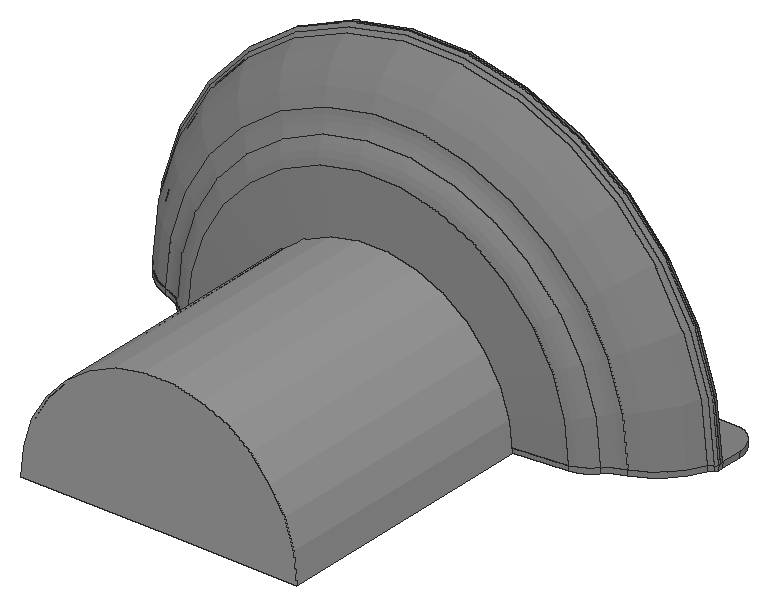
Revit family "Washfountain_3_Staion-Willoughby-WAF-5403-FLR", category Plumbing Fixtures, Revit 2015
Parameters (values of type "Standard")
  water line = Copper
  Waste Connection = no
  Vent Connection = no
  URL = "https://www.willoughby-ind.com/wp-content/uploads/2018/01/WAF-5404.pdf"
  Type Comments = ""
  Solid Surface Sink = Solid Surface Acrylic Resin-Willoughby
  Revision = "A"
  Model = "WAF-5403-FLR"
  Manufacturer = "Willoughby Industries"
  Lav Waste DIA = 1 1/2"
  Lav Waste Connection = yes
  LAV HW DIA = 1/2"
  LAV CW DIA = 1/2"
  HW Connection = yes
  Fixture Body = Stainless Steel AISI 304-Willoughby
  Description = "Floor Mounted 3 Station Washfountain, Floor Mounted"
  Default Elevation = 0' - 0"
  Contact = "(800) 428-4065"
  CW Connection = yes
Reference planes (in)
  plane 1 "Center (Front/Back)Floor HGT": y = 0
  plane 2: z = 0
  plane 3 "Center (Left/Right)": x = 0
  plane 4 "unit body HGT": y = 39
  plane 5: y = 39.5
  plane 6 "Sink HGT": y = 34
  plane 7 "Base HGT": y = 9.5
  plane 8 "Sink Drain": y = 19.5
  plane 9 "Bottom Of Bowl": y = 25.5
  plane 10: x = -6.845
  plane 11: x = 6.845
  plane 12: x = -27
  plane 13: z = 27
  plane 14 "Splash Face": z = 0.5
  plane 15: z = 13.25
  plane 16: x = -13.25
  plane 17: x = 13.25
  plane 18 "Water Supply": y = 18.5
  plane 19 "Hot Supply": x = 4
  plane 20 "Cold Supply": x = 8
  plane 21 "bubbler HGT": y = 35.66
  plane 22: y = 14.75
  plane 23: x = -9.5
  plane 24: x = 9.5
Forms (in)
  Extrusion 1, solid, material "Solid Surface Acrylic Resin-Willoughby" <- "Solid Surface Sink"
    sketch origin (0, 0, 0) x (1, 0, 0) y (0, 1, 0)
      loop
        line (-6.845, 25.5) -> (6.845, 25.5) -> (11.52413, 25.68856)
        arc (11.52413, 25.68856) -> (14.92598, 25.93546) -> (18.30491, 26.40063) r 53.01
        arc (18.30491, 26.40063) -> (19.41375, 26.83168) -> (20.31491, 27.60836) r 3.51
        arc (20.31491, 27.60836) -> (21.16213, 28.2452) -> (22.16491, 28.58836) r 3.38
        arc (22.16491, 28.58836) -> (24.73032, 30.26295) -> (26.40491, 32.82836) r 7.45
        arc (26.40491, 32.82836) -> (26.54572, 33.0411) -> (26.75847, 33.18191) r 0.63983
        arc (26.75847, 33.18191) -> (26.93397, 33.32403) -> (27, 33.54) r 0.38621
        line (27, 33.54) -> (27, 34) -> (27, 36)
        arc (27, 36) -> (26.12132, 38.12132) -> (24, 39) r 3
        line (24, 39) -> (0, 39) -> (-24, 39)
        arc (-24, 39) -> (-26.12132, 38.12132) -> (-27, 36) r 3
        line (-27, 36) -> (-27, 34) -> (-27, 33.54)
        arc (-27, 33.54) -> (-26.93397, 33.32403) -> (-26.75847, 33.18191) r 0.38621
        arc (-26.75847, 33.18191) -> (-26.54572, 33.0411) -> (-26.40491, 32.82836) r 0.63983
        arc (-26.40491, 32.82836) -> (-24.73032, 30.26295) -> (-22.16491, 28.58836) r 7.45
        arc (-22.16491, 28.58836) -> (-21.16213, 28.2452) -> (-20.31491, 27.60836) r 3.38
        arc (-20.31491, 27.60836) -> (-19.41375, 26.83168) -> (-18.30491, 26.40063) r 3.51
        arc (-18.30491, 26.40063) -> (-14.92598, 25.93546) -> (-11.52413, 25.68856) r 53.01
        line (-11.52413, 25.68856) -> (-6.845, 25.5)
    from 0 to 0.5
  Revolve 2, solid, material "Solid Surface Acrylic Resin-Willoughby" <- "Solid Surface Sink"
    sketch origin (0, 0, 0.5) x (1, 0, 0) y (0, 1, 0)
      loop
        line (27, 33.54) -> (27, 33.75)
        arc (27, 33.75) -> (26.92678, 33.92678) -> (26.75, 34) r 0.25
        arc (26.75, 34) -> (26.59277, 33.93487) -> (26.52764, 33.77764) r 0.22236
        arc (26.52764, 33.77764) -> (26.51299, 33.66399) -> (26.43525, 33.57981) r 0.1886
        arc (26.43525, 33.57981) -> (26.14057, 33.33951) -> (25.94132, 33.01566) r 1.13983
        arc (25.94132, 33.01566) -> (24.38046, 30.64844) -> (22.02426, 29.07099) r 7.17314
        arc (22.02426, 29.07099) -> (20.89405, 28.6688) -> (19.94072, 27.94059) r 3.88
        arc (19.94072, 27.94059) -> (19.16738, 27.26699) -> (18.21278, 26.89214) r 3.01
        arc (18.21278, 26.89214) -> (14.86971, 26.4323) -> (11.504, 26.18815) r 52.51
        line (11.504, 26.18815) -> (6.83493, 26) -> (0, 26) -> (0, 25.5) -> (6.845, 25.5) -> (11.52413, 25.68856)
        arc (11.52413, 25.68856) -> (14.92598, 25.93546) -> (18.30491, 26.40063) r 53.01
        arc (18.30491, 26.40063) -> (19.41375, 26.83168) -> (20.31491, 27.60836) r 3.51
        arc (20.31491, 27.60836) -> (21.16213, 28.2452) -> (22.16491, 28.58836) r 3.38
        arc (22.16491, 28.58836) -> (24.71623, 30.27704) -> (26.40491, 32.82836) r 7.67314
        arc (26.40491, 32.82836) -> (26.54572, 33.0411) -> (26.75847, 33.18191) r 0.63983
        arc (26.75847, 33.18191) -> (26.93397, 33.32403) -> (27, 33.54) r 0.38621
      axis (0, 34) -> (0, 25.5)
    angle from 0 to -180
  Extrusion 3, solid, material "Solid Surface Acrylic Resin-Willoughby" <- "Solid Surface Sink", detail levels medium+fine
    sketch origin (0, 39, 0) x (-1, 0, 0) y (0, 0, 1)
      loop
        line (0, 0) -> (6.75, 0) -> (6.75, 1.57) -> (5.04, 7.48)
        arc (5.04, 7.48) -> (4.17688, 8.92892) -> (2.59, 9.5) r 2.5
        line (2.59, 9.5) -> (0, 9.5) -> (-2.59, 9.5)
        arc (-2.59, 9.5) -> (-4.17688, 8.92892) -> (-5.04, 7.48) r 2.5
        line (-5.04, 7.48) -> (-6.75, 1.57) -> (-6.75, 0) -> (0, 0)
    from 0 to 0.5
  Extrusion 4, solid, material "Solid Surface Acrylic Resin-Willoughby" <- "Solid Surface Sink", detail levels medium+fine
    sketch origin (0, 39, 0) x (-1, 0, 0) y (0, 0, 1)
      loop
        line (-6.2697, 1.43103) -> (-6.2697, 0) -> (6.2697, 0) -> (6.2697, 1.43103) -> (4.5597, 7.34103)
        arc (4.5597, 7.34103) -> (3.82653, 8.46933) -> (2.59, 9) r 2.31723
        line (2.59, 9) -> (0, 9) -> (-2.59, 9)
        arc (-2.59, 9) -> (-3.82653, 8.46933) -> (-4.5597, 7.34103) r 2.31723
        line (-4.5597, 7.34103) -> (-6.2697, 1.43103)
    from 0 to -5
  Revolve 5, solid, material "Stainless Steel AISI 304-Willoughby" <- "Fixture Body"
    sketch origin (0, 0, 0) x (1, 0, 0) y (0, 1, 0)
      loop
        line (-13.25, 25.79323) -> (-13.25, 0) -> (0, 0) -> (0, 0.1277) -> (-13.125, 0.1277) -> (-13.125, 25.79323) -> (-13.25, 25.79323)
      axis (0, 25.79323) -> (0, 0)
    angle from 0 to -180
  Revolve 6, solid, material "Stainless Steel AISI 304-Willoughby" <- "Fixture Body", detail levels medium+fine
    sketch origin (0, 19.5, 0) x (-1, 0, 0) y (0, 0, 1)
      loop
        line (0, 0) -> (0.75, 0) -> (0.75, 3) -> (0, 3) -> (0, 0)
      axis (0, 3) -> (0, 0)
    angle from 0 to 360
  Revolve 7, solid, material "Copper" <- "water line", detail levels medium+fine
    sketch origin (0, 18.5, 0) x (-1, 0, 0) y (0, 0, 1)
      loop
        line (-4, 0) -> (-3.75, 0) -> (-3.75, 3) -> (-4, 3) -> (-4, 0)
      axis (-4, 3) -> (-4, 0)
    angle from 0 to 360
  Revolve 8, solid, material "Copper" <- "water line", detail levels medium+fine
    sketch origin (0, 18.5, 0) x (-1, 0, 0) y (0, 0, 1)
      loop
        line (-8, 0) -> (-7.75, 0) -> (-7.75, 3) -> (-8, 3) -> (-8, 0)
      axis (-8, 3) -> (-8, 0)
    angle from 0 to 360
  Revolve 9, solid, material "Stainless Steel AISI 304-Willoughby" <- "Fixture Body", detail levels fine
    sketch origin (0, 35.66, 0) x (-1, 0, 0) y (0, 0, 1)
      loop
        line (0, 9) -> (0.75, 9) -> (0.75, 9.5)
        arc (0.75, 9.5) -> (0.53033, 10.03033) -> (0, 10.25) r 0.75
        line (0, 10.25) -> (0, 9)
      axis (0, 10.25) -> (0, 9)
    angle from 0 to 360
  Revolve 10, solid, material "Stainless Steel AISI 304-Willoughby" <- "Fixture Body", detail levels fine
    sketch origin (0, 0, 0) x (0, 1, 0) y (0, 0, 1)
      loop
        line (34.91, 9.5) -> (35.26355, 9.85355) -> (34.91, 10.20711) -> (34.55645, 9.85355) -> (34.91, 9.5)
      axis (34.91, 10.20711) -> (35.26355, 9.85355)
    angle from 0 to 360
  Revolve 11, solid, material "Stainless Steel AISI 304-Willoughby" <- "Fixture Body", detail levels fine
    sketch origin (-3.23665, 35.66, 1.90529) x (-0.275637, 0, 0.961262) y (0.961262, 0, 0.275637)
      loop
        line (0, 9) -> (0.75, 9) -> (0.75, 9.5)
        arc (0.75, 9.5) -> (0.53033, 10.03033) -> (0, 10.25) r 0.75
        line (0, 10.25) -> (0, 9)
      axis (0, 10.25) -> (0, 9)
    angle from 0 to 360
  Revolve 12, solid, material "Stainless Steel AISI 304-Willoughby" <- "Fixture Body", detail levels fine
    sketch origin (-3.23665, 0, 1.90529) x (0, 1, 0) y (0.961262, 0, 0.275637)
      loop
        line (34.91, 9.5) -> (35.26355, 9.85355) -> (34.91, 10.20711) -> (34.55645, 9.85355) -> (34.91, 9.5)
      axis (34.91, 10.20711) -> (35.26355, 9.85355)
    angle from 0 to 360
  Revolve 13, solid, material "Stainless Steel AISI 304-Willoughby" <- "Fixture Body", detail levels fine
    sketch origin (3.23665, 35.66, 1.90529) x (0.275637, 0, 0.961262) y (-0.961262, 0, 0.275637)
      loop
        line (0, 9) -> (0.75, 9) -> (0.75, 9.5)
        arc (0.75, 9.5) -> (0.53033, 10.03033) -> (0, 10.25) r 0.75
        line (0, 10.25) -> (0, 9)
      axis (0, 10.25) -> (0, 9)
    angle from 0 to 360
  Revolve 14, solid, material "Stainless Steel AISI 304-Willoughby" <- "Fixture Body", detail levels fine
    sketch origin (3.23665, 0, 1.90529) x (0, 1, 0) y (0.961262, 0, -0.275637)
      loop
        line (34.91, -9.5) -> (34.55645, -9.85355) -> (34.91, -10.20711) -> (35.26355, -9.85355) -> (34.91, -9.5)
      axis (34.91, -10.20711) -> (35.26355, -9.85355)
    angle from 0 to 360
Lines and regions (in)
  symbolic lines
    curve 1: line (-13.25, 25.79323, 0) -> (-13.25, 14.74961, 0)
    curve 2: line (-13.25, 14.74961, 0) -> (13.25, 14.74961, 0)
    curve 3: line (13.25, 14.74961, 0) -> (13.25, 25.79323, 0)
    curve 4: arc (13.25, 25.79323, 0) -> (14.81145, 25.92524, 0) -> (16.36623, 26.12076, 0) r 38.45379
    curve 5: arc (16.36623, 26.12076, 0) -> (17.32316, 26.24841, 0) -> (18.27648, 26.40063, 0) r 37.51632
    curve 6: arc (18.27648, 26.40063, 0) -> (19.40672, 26.8171, 0) -> (20.31491, 27.60836, 0) r 3.33054
    curve 7: arc (20.31491, 27.60836, 0) -> (21.16213, 28.2452, 0) -> (22.16491, 28.58836, 0) r 3.38
    curve 8: arc (22.16491, 28.58836, 0) -> (24.71623, 30.27704, 0) -> (26.40491, 32.82836, 0) r 7.67314
    curve 9: arc (26.40491, 32.82836, 0) -> (26.54572, 33.0411, 0) -> (26.75847, 33.18191, 0) r 0.63983
    curve 10: arc (26.75847, 33.18191, 0) -> (26.93397, 33.32403, 0) -> (27, 33.54, 0) r 0.38621
    curve 11: line (27, 33.54, 0) -> (27, 33.75, 0)
    curve 12: arc (27, 33.75, 0) -> (26.92678, 33.92678, 0) -> (26.75, 34, 0) r 0.25
    curve 14: line (-27, 33.75, 0) -> (-27, 33.54, 0)
    curve 15: arc (-27, 33.54, 0) -> (-26.93397, 33.32403, 0) -> (-26.75847, 33.18191, 0) r 0.38621
    curve 16: arc (-26.75847, 33.18191, 0) -> (-26.54572, 33.0411, 0) -> (-26.40491, 32.82836, 0) r 0.63983
    curve 17: arc (-26.40491, 32.82836, 0) -> (-24.71623, 30.27704, 0) -> (-22.16491, 28.58836, 0) r 7.67314
    curve 18: arc (-22.16491, 28.58836, 0) -> (-21.16213, 28.2452, 0) -> (-20.31491, 27.60836, 0) r 3.38
    curve 19: arc (-20.31491, 27.60836, 0) -> (-19.41375, 26.83168, 0) -> (-18.30491, 26.40063, 0) r 3.51
    curve 20: arc (-18.30491, 26.40063, 0) -> (-15.78528, 26.03184, 0) -> (-13.25, 25.79323, 0) r 49.45833
    curve 21: line (-13.25, 25.79323, 0) -> (13.25, 25.79323, 0)
    curve 22: line (-27, 33.75, 0) -> (-27, 36, 0)
    curve 23: arc (-27, 36, 0) -> (-26.12132, 38.12132, 0) -> (-24, 39, 0) r 3
    curve 24: line (-24, 39, 0) -> (24, 39, 0)
    curve 25: arc (24, 39, 0) -> (26.12132, 38.12132, 0) -> (27, 36, 0) r 3
    curve 26: line (27, 36, 0) -> (27, 33.75, 0)
    curve 29: line (6.2697, 39, 0) -> (6.75, 39, 0)
    curve 30: line (6.75, 39.5, 0) -> (-6.75, 39.5, 0)
    curve 31: line (-6.75, 39.5, 0) -> (-6.75, 39, 0)
    curve 36: line (0, 14.74961, 0) -> (0, 14.74961, 13.25)
    curve 37: line (0, 14.74961, 13.25) -> (0, 25.75, 13.25)
    curve 38: arc (0, 25.75, 13.25) -> (0, 26.01168, 16.03491) -> (0, 26.40063, 18.80491) r 61.05831
    curve 39: arc (0, 26.40063, 18.80491) -> (0, 26.81192, 19.92562) -> (0, 27.60836, 20.81491) r 3.17176
    curve 40: arc (0, 27.60836, 20.81491) -> (0, 28.24513, 21.66216) -> (0, 28.58836, 22.66491) r 3.38151
    curve 41: arc (0, 28.58836, 22.66491) -> (0, 30.28272, 25.21633) -> (0, 32.83523, 26.90905) r 7.72708
    curve 42: arc (0, 32.83523, 26.90905) -> (0, 33.01009, 27.01646) -> (0, 33.14079, 27.17468) r 0.6256
    curve 43: arc (0, 33.14079, 27.17468) -> (0, 33.17429, 27.23751) -> (0, 33.20318, 27.30258) r 0.99038
    curve 44: arc (0, 33.20318, 27.30258) -> (0, 33.34154, 27.44497) -> (0, 33.53222, 27.50029) r 0.38807
    curve 45: line (0, 33.53222, 27.50029) -> (0, 33.76887, 27.50029)
    curve 46: arc (0, 33.76887, 27.50029) -> (0, 33.93547, 27.41789) -> (0, 34, 27.24359) r 0.25151
    curve 47: line (0, 34, 27.24359) -> (0, 34, 0.5)
    curve 48: line (0, 34, 0.5) -> (0, 39, 0.5)
    curve 49: line (0, 39, 0.5) -> (0, 39, 0)
    curve 50: line (0, 39, 0) -> (0, 14.74961, 0)
    curve 51: line (0, 25.5, 0) -> (0, 25.5, 7.345)
    curve 52: arc (0, 25.5, 7.345) -> (0, 25.60809, 10.29822) -> (0, 25.75, 13.25) r 257.93764
    curve 58: line (27, 35.66, 0) -> (27, 35.66, 0.5)
    curve 60: line (-27, 35.66, 0.5) -> (-27, 35.66, 0)
    curve 61: line (-27, 35.66, 0) -> (27, 35.66, 0)
    curve 62: arc (27, 35.66, 0.5) -> (0, 35.66, 27.5) -> (-27, 35.66, 0.5) r 27
    curve 70: line (6.75, 39.5, 0) -> (6.75, 39, 0)
    curve 71: line (-10.5, 14.74961, 0) -> (-10.5, 0, 0)
    curve 72: line (-10.5, 0, 0) -> (10.5, 0, 0)
    curve 73: line (10.5, 0, 0) -> (10.5, 14.74961, 0)
    curve 74: line (9.5, 14.74961, 0) -> (9.5, 0, 0)
    curve 75: line (-9.5, 14.74961, 0) -> (-9.5, 0, 0)
    curve 76: line (0, 14.74961, 9.5) -> (0, 0, 9.5)
    curve 77: line (0, 0, 9.5) -> (0, 0, 0)
    curve 78: line (0, 0, 0) -> (0, 14.74961, 0)
  symbolic lines, detail levels medium+fine
    curve 13: arc (-26.75, 34, 0) -> (-26.92678, 33.92678, 0) -> (-27, 33.75, 0) r 0.25
    curve 34: line (-26.75, 34, 0) -> (26.75, 34, 0)
    curve 35: arc (26.75, 34, 0) -> (26.92678, 33.92678, 0) -> (27, 33.75, 0) r 0.25
    curve 59: line (27, 35.66, 0.5) -> (-27, 35.66, 0.5)
  symbolic lines, detail levels fine
    curve 27: line (-6.2697, 34, 0) -> (-6.2697, 39, 0)
    curve 28: line (6.2697, 39, 0) -> (6.2697, 34, 0)
    curve 32: line (-2.61165, 34, 0) -> (-2.61165, 39, 0)
    curve 33: line (2.59, 34, 0) -> (2.59, 39, 0)
    curve 53: line (0, 39, 9.5) -> (0, 39.5, 9.5)
    curve 54: line (0, 39.5, 9.5) -> (0, 39.5, 0)
    curve 55: line (0, 39.5, 0) -> (0, 39, 0)
    curve 56: line (0, 39, 9.5) -> (0, 39, 0)
    curve 57: line (0, 34, 9) -> (0, 39, 9)
    curve 63: line (6.75, 35.66, 0.5) -> (6.75, 35.66, 1.57)
    curve 64: line (6.75, 35.66, 1.57) -> (5.04, 35.66, 7.48)
    curve 65: arc (5.04, 35.66, 7.48) -> (4.17688, 35.66, 8.92892) -> (2.59, 35.66, 9.5) r 2.5
    curve 66: line (2.59, 35.66, 9.5) -> (-2.59, 35.66, 9.5)
    curve 67: arc (-2.59, 35.66, 9.5) -> (-4.17768, 35.66, 8.92988) -> (-5.04, 35.66, 7.48) r 2.49577
    curve 68: line (-5.04, 35.66, 7.48) -> (-6.75, 35.66, 1.57)
    curve 69: line (-6.75, 35.66, 1.57) -> (-6.75, 35.66, 0)
Dimensions and locks (in)
  equal spacing: plane 10, plane 3 "Center (Left/Right)", plane 11
  plane 10 to plane 11 = 1' - 1.69"
  plane 12 to plane 3 "Center (Left/Right)" = 2' - 3"
  plane 1 "Center (Front/Back)Floor HGT" to plane 22 = 1' - 2 3/4"
  plane 1 "Center (Front/Back)Floor HGT" to plane 9 "Bottom Of Bowl" = 2' - 1 1/2"
  plane 1 "Center (Front/Back)Floor HGT" to plane 5 = 3' - 3 1/2"
  plane 1 "Center (Front/Back)Floor HGT" to plane 4 "unit body HGT" = 3' - 3"
  plane 1 "Center (Front/Back)Floor HGT" to plane 6 "Sink HGT" = 2' - 10"
  plane 23 to plane 24 = 1' - 7"
  plane 16 to plane 17 = 2' - 2 1/2"
  Extrusion 1 to Extrusion 1 = 4' - 6"
  aligned and locked: Revolve 5 sketch curve to Revolve 5 sketch curve  (x3)
  aligned and locked: Revolve 6 sketch curve to Revolve 6 sketch curve
  aligned and locked: Revolve 7 sketch curve to Revolve 7 sketch curve  (x2)
  aligned and locked: Revolve 8 sketch curve to Revolve 8 sketch curve  (x2)
  aligned and locked: Revolve 10 sketch curve to Revolve 10 sketch curve  (x3)
  aligned and locked: Revolve 12 sketch curve to Revolve 12 sketch curve  (x3)
  aligned and locked: Revolve 14 sketch curve to Revolve 14 sketch curve  (x3)
  aligned and locked: curve 56 to Extrusion 3
  aligned and locked: curve 70 to Extrusion 3
Automatic sketch dimensions
  Extrusion 1 sketch curve to plane 12 = 0' - 0"
  Extrusion 1 sketch curve to plane 4 "unit body HGT" = 0' - 0"
  Extrusion 1 sketch curve to plane 9 "Bottom Of Bowl" = 0' - 0"
  Extrusion 1 sketch curve to plane 10 = 0' - 0"
  Extrusion 1 sketch curve to plane 3 "Center (Left/Right)" = 0' - 0"
  Extrusion 1 sketch curve to plane 11 = 0' - 0"
  Extrusion 1 sketch curve to plane 6 "Sink HGT" = 0' - 0"  (x2)
  Extrusion 1 sketch curve to plane 12 = 0' - 0.00185"
  Extrusion 1 sketch curve to Extrusion 1 sketch curve = 0' - 0.38621"  (x2)
  plane 21 "bubbler HGT" to Extrusion 1 sketch curve = 0' - 0.34"
  Extrusion 1 sketch curve to plane 9 "Bottom Of Bowl" = 0' - 0.24161"  (x2)
  Extrusion 1 sketch curve to plane 12 = 0' - 4.25567"
  Extrusion 1 sketch curve to plane 21 "bubbler HGT" = 0' - 0.12911"  (x2)
  Extrusion 1 sketch curve to Extrusion 1 sketch curve = 0' - 4.53762"  (x2)
  plane 16 to Extrusion 1 sketch curve = 0' - 4.35597"
  plane 9 "Bottom Of Bowl" to Extrusion 1 sketch curve = 0' - 0.18856"  (x2)
  Extrusion 1 sketch curve to plane 16 = 0' - 1.72587"
  plane 10 to Extrusion 1 sketch curve = 0' - 2.54468"
  Extrusion 1 sketch curve to plane 20 "Cold Supply" = 0' - 1.38968"
  plane 17 to Extrusion 1 sketch curve = 0' - 1.72587"
  Extrusion 1 sketch curve to plane 17 = 0' - 4.35597"
  Extrusion 1 sketch curve to Extrusion 1 sketch curve = 0' - 1.85641"
  Extrusion 1 sketch curve to Extrusion 1 sketch curve = 0' - 5.13836"
  Extrusion 1 sketch curve to plane 6 "Sink HGT" = 0' - 0.46"  (x2)
  Extrusion 1 sketch curve to Extrusion 1 sketch curve = 0' - 2.61379"
  Extrusion 1 sketch curve to Extrusion 1 sketch curve = 0' - 0.38436"
  Extrusion 1 sketch curve to plane 6 "Sink HGT" = 0' - 4.15967"  (x2)
  Extrusion 1 sketch curve to Extrusion 1 sketch curve = 0' - 0.95132"
  Extrusion 1 sketch curve to plane 6 "Sink HGT" = 0' - 1.41132"
  plane 5 to Extrusion 1 sketch curve = 3' - 3.15557"
  Extrusion 1 sketch curve to Extrusion 1 sketch curve = 0' - 0"  (x2)
  Extrusion 1 sketch curve to Extrusion 1 sketch curve = 0' - 0.35355"  (x2)
  plane 9 "Bottom Of Bowl" to Extrusion 1 sketch curve = 0' - 3.08836"
  Extrusion 1 sketch curve to Extrusion 1 sketch curve = 0' - 1.85"  (x2)
  plane 9 "Bottom Of Bowl" to Extrusion 1 sketch curve = 0' - 0.90063"
  plane 9 "Bottom Of Bowl" to Extrusion 1 sketch curve = 0' - 2.10836"
  Revolve 2 sketch curve to Revolve 2 sketch curve = 0' - 0"  (x13)
  Revolve 2 sketch curve to plane 3 "Center (Left/Right)" = 0' - 0"  (x2)
  Revolve 2 sketch curve to plane 9 "Bottom Of Bowl" = 0' - 0"  (x2)
  Revolve 2 sketch curve to plane 11 = 0' - 0"
  Revolve 2 sketch curve to plane 6 "Sink HGT" = 0' - 0"  (x2)
  plane 11 to Revolve 2 sketch curve = 0' - 0.01007"
  Revolve 2 sketch curve to plane 20 "Cold Supply" = 0' - 1.38968"
  plane 9 "Bottom Of Bowl" to Revolve 2 sketch curve = 0' - 0.68815"
  plane 17 to Revolve 2 sketch curve = 0' - 1.746"
  plane 9 "Bottom Of Bowl" to Revolve 2 sketch curve = 0' - 0.18856"
  Revolve 2 sketch curve to Revolve 2 sketch curve = 0' - 0.02013"
  Revolve 2 sketch curve to plane 17 = 0' - 4.35597"
  plane 21 "bubbler HGT" to Revolve 2 sketch curve = 0' - 0.04277"
  Revolve 2 sketch curve to plane 17 = 0' - 6.04051"
  Revolve 2 sketch curve to plane 9 "Bottom Of Bowl" = 0' - 0.24161"
  Revolve 2 sketch curve to Revolve 2 sketch curve = 0' - 5.13836"
  Revolve 2 sketch curve to plane 6 "Sink HGT" = 0' - 0.2562"
  Revolve 2 sketch curve to Revolve 2 sketch curve = 0' - 7.0516"
  Revolve 2 sketch curve to Revolve 2 sketch curve = 0' - 0.27168"
  Revolve 2 sketch curve to Revolve 2 sketch curve = 0' - 0.13621"
  Revolve 2 sketch curve to Revolve 2 sketch curve = 0' - 0.38436"
  Revolve 2 sketch curve to Revolve 2 sketch curve = 0' - 0 1/4"
  plane 9 "Bottom Of Bowl" to Revolve 2 sketch curve = 0' - 0 1/2"
  Revolve 2 sketch curve to plane 6 "Sink HGT" = 0' - 4.15967"
  Revolve 2 sketch curve to Revolve 2 sketch curve = 0' - 1.16132"
  Revolve 2 sketch curve to Revolve 2 sketch curve = 0' - 0.21"
  Revolve 2 sketch curve to Revolve 2 sketch curve = 0' - 0.02764"
  plane 5 to Revolve 2 sketch curve = 3' - 3.15557"
  plane 9 "Bottom Of Bowl" to Revolve 2 sketch curve = 0' - 1.39214"
  Revolve 2 sketch curve to Revolve 2 sketch curve = 0' - 0.09213"
  Revolve 2 sketch curve to Revolve 2 sketch curve = 0' - 1.72794"
  Revolve 2 sketch curve to Revolve 2 sketch curve = 0' - 0.37419"
  Revolve 2 sketch curve to Revolve 2 sketch curve = 0' - 1.70935"
  Revolve 2 sketch curve to Revolve 2 sketch curve = 0' - 0.14065"
  Extrusion 3 sketch curve to level = 0' - 0"
  Extrusion 3 sketch curve to plane 3 "Center (Left/Right)" = 0' - 0"  (x2)
  plane 19 "Hot Supply" to Extrusion 3 sketch curve = 0' - 1.41349"
  plane 19 "Hot Supply" to Extrusion 3 sketch curve = 0' - 1.41"
  Extrusion 3 sketch curve to plane 19 "Hot Supply" = 0' - 1.04"
  plane 11 to Extrusion 3 sketch curve = 0' - 0.095"
  Extrusion 3 sketch curve to plane 3 "Center (Left/Right)" = 0' - 2.58651"
  Extrusion 3 sketch curve to Extrusion 3 sketch curve = 0' - 0.00349"
  Extrusion 3 sketch curve to plane 10 = 0' - 1.805"
  Extrusion 3 sketch curve to plane 10 = 0' - 0.095"
  plane 14 "Splash Face" to Extrusion 3 sketch curve = 0' - 1.07"  (x2)
  Extrusion 3 sketch curve to plane 15 = 0' - 6 1/4"
  Extrusion 3 sketch curve to Extrusion 3 sketch curve = 0' - 0"
  Extrusion 3 sketch curve to Extrusion 3 sketch curve = 0' - 0.48"
  Extrusion 4 sketch curve to level = 0' - 0"
  Extrusion 4 sketch curve to plane 3 "Center (Left/Right)" = 0' - 0"
  plane 19 "Hot Supply" to Extrusion 4 sketch curve = 0' - 1.66623"
  plane 19 "Hot Supply" to Extrusion 4 sketch curve = 0' - 1.41"
  Extrusion 4 sketch curve to plane 19 "Hot Supply" = 0' - 0.5597"
  plane 11 to Extrusion 4 sketch curve = 0' - 0.5753"
  Extrusion 4 sketch curve to plane 3 "Center (Left/Right)" = 0' - 2.33377"
  Extrusion 4 sketch curve to Extrusion 4 sketch curve = 0' - 0.25623"
  Extrusion 4 sketch curve to plane 10 = 0' - 2.2853"
  Extrusion 4 sketch curve to plane 10 = 0' - 0.5753"
  plane 14 "Splash Face" to Extrusion 4 sketch curve = 0' - 0.93103"  (x2)
  plane 14 "Splash Face" to Extrusion 4 sketch curve = 0' - 6.19698"
  Extrusion 4 sketch curve to Extrusion 4 sketch curve = 0' - 0"
  Extrusion 4 sketch curve to Extrusion 4 sketch curve = 0' - 0.64405"
  Revolve 6 sketch curve to level = 0' - 0"  (x2)
  Revolve 6 sketch curve to plane 3 "Center (Left/Right)" = 0' - 0"
  Revolve 6 sketch curve to Revolve 6 sketch curve = 0' - 0 3/4"
  plane 14 "Splash Face" to Revolve 6 sketch curve = 0' - 2 1/2"
  Revolve 6 sketch curve to Revolve 6 sketch curve = 0' - 0"
  Revolve 7 sketch curve to level = 0' - 0"  (x2)
  plane 19 "Hot Supply" to Revolve 7 sketch curve = 0' - 0"
  plane 19 "Hot Supply" to Revolve 7 sketch curve = 0' - 0 1/4"
  plane 14 "Splash Face" to Revolve 7 sketch curve = 0' - 2 1/2"
  Revolve 8 sketch curve to level = 0' - 0"  (x2)
  plane 20 "Cold Supply" to Revolve 8 sketch curve = 0' - 0"
  plane 20 "Cold Supply" to Revolve 8 sketch curve = 0' - 0 1/4"
  plane 14 "Splash Face" to Revolve 8 sketch curve = 0' - 2 1/2"
  Revolve 9 sketch curve to plane 3 "Center (Left/Right)" = 0' - 0"  (x2)
  Revolve 9 sketch curve to Revolve 9 sketch curve = 0' - 0 3/4"
  Revolve 9 sketch curve to plane 15 = 0' - 4 1/4"
  Revolve 9 sketch curve to Revolve 9 sketch curve = 0' - 0 1/2"
  Revolve 9 sketch curve to Revolve 9 sketch curve = 0' - 0"  (x2)
  plane 6 "Sink HGT" to Revolve 10 sketch curve = 0' - 0.55645"
  Revolve 10 sketch curve to Revolve 10 sketch curve = 0' - 0.35355"  (x3)
  Revolve 10 sketch curve to plane 15 = 0' - 3 3/4"
  Revolve 11 sketch curve to plane 19 "Hot Supply" = 0' - 1.4147"
  plane 14 "Splash Face" to Revolve 11 sketch curve = 0' - 3.88603"
  Revolve 11 sketch curve to Revolve 11 sketch curve = 0' - 0 3/4"
  Revolve 11 sketch curve to Revolve 11 sketch curve = 0' - 0 1/2"
  Revolve 11 sketch curve to Revolve 11 sketch curve = 0' - 0"  (x3)
  plane 6 "Sink HGT" to Revolve 12 sketch curve = 0' - 0.55645"
  Revolve 12 sketch curve to Revolve 12 sketch curve = 0' - 0.35355"  (x3)
  plane 10 to Revolve 13 sketch curve = 0' - 1.4303"
  Revolve 13 sketch curve to plane 14 "Splash Face" = 0' - 3.88603"
  Revolve 13 sketch curve to Revolve 13 sketch curve = 0' - 0 3/4"
  Revolve 13 sketch curve to Revolve 13 sketch curve = 0' - 0 1/2"
  Revolve 13 sketch curve to Revolve 13 sketch curve = 0' - 0"  (x3)
  plane 6 "Sink HGT" to Revolve 14 sketch curve = 0' - 0.55645"
  Revolve 14 sketch curve to Revolve 14 sketch curve = 0' - 0.35355"  (x3)
  curve 58 to plane 14 "Splash Face" = 0' - 0"
  curve 61 to level = 0' - 0"
  curve 62 to plane 3 "Center (Left/Right)" = 0' - 0"
  plane 19 "Hot Supply" to curve 65 = 0' - 1.41349"
  plane 19 "Hot Supply" to curve 66 = 0' - 1.41"
  curve 64 to plane 19 "Hot Supply" = 0' - 1.04"
  plane 11 to curve 64 = 0' - 0.095"
  curve 58 to plane 17 = 1' - 1 3/4"
  curve 66 to plane 3 "Center (Left/Right)" = 0' - 2.59"
  curve 68 to plane 10 = 0' - 1.805"
  plane 14 "Splash Face" to curve 63 = 0' - 1.07"
  curve 65 to plane 15 = 0' - 6 1/4"
  curve 65 to curve 67 = 0' - 0.00423"
  curve 65 to curve 64 = 0' - 0.48"
  curve 69 to plane 10 = 0' - 0.095"
  plane 14 "Splash Face" to curve 69 = 0' - 1.07"
  curve 13 to plane 6 "Sink HGT" = 0' - 0"
  curve 24 to plane 4 "unit body HGT" = 0' - 0"
  curve 21 to plane 16 = 0' - 0"
  plane 1 "Center (Front/Back)Floor HGT" to curve 72 = 0' - 0"
  curve 30 to plane 5 = 0' - 0"
  curve 29 to plane 4 "unit body HGT" = 0' - 0"
  curve 74 to plane 24 = 0' - 0"
  curve 3 to plane 17 = 0' - 0"
  plane 16 to curve 19 = 0' - 4.35597"
  plane 21 "bubbler HGT" to curve 17 = 0' - 0.04277"
  plane 16 to curve 17 = 0' - 6.04051"
  curve 18 to plane 9 "Bottom Of Bowl" = 0' - 0.24161"
  curve 18 to curve 19 = 0' - 5.13836"
  plane 21 "bubbler HGT" to curve 23 = 0' - 0.34"
  curve 23 to curve 17 = 0' - 4.70949"
  curve 15 to curve 15 = 0' - 0.38621"
  curve 13 to curve 34 = 0' - 0 1/4"
  curve 15 to curve 16 = 0' - 0.00185"
  curve 72 to curve 75 = 0' - 1"
  plane 23 to curve 20 = 0' - 0.38483"
  curve 30 to plane 10 = 0' - 0.095"
  curve 72 to plane 24 = 0' - 1"
  curve 4 to plane 24 = 0' - 1.29194"
  curve 4 to curve 5 = 0' - 1.09282"
  curve 6 to plane 17 = 0' - 4.45905"
  plane 21 "bubbler HGT" to curve 8 = 0' - 0.04277"
  curve 8 to plane 17 = 0' - 6.04051"
  curve 7 to plane 9 "Bottom Of Bowl" = 0' - 0.24161"
  curve 6 to curve 7 = 0' - 5.03528"
  plane 21 "bubbler HGT" to curve 25 = 0' - 0.34"
  curve 8 to curve 25 = 0' - 4.70949"
  curve 10 to curve 10 = 0' - 0.38621"
  curve 35 to curve 11 = 0' - 0 1/4"
  curve 9 to curve 10 = 0' - 0.00185"
  curve 1 to plane 22 = 0' - 0.00039"
  plane 9 "Bottom Of Bowl" to curve 21 = 0' - 0.29323"
  plane 9 "Bottom Of Bowl" to curve 6 = 0' - 4.18248"
  curve 19 to plane 6 "Sink HGT" = 0' - 4.15967"
  curve 9 to curve 35 = 0' - 1.16132"
  curve 16 to curve 13 = 0' - 1.16132"
  curve 14 to curve 13 = 0' - 0.21"
  curve 10 to curve 35 = 0' - 0.21"
  plane 5 to curve 5 = 1' - 11.86845"
  curve 5 to curve 4 = 0' - 0.79992"
  curve 4 to curve 20 = 0' - 10.96857"
  plane 9 "Bottom Of Bowl" to curve 20 = 0' - 0.90063"
  plane 9 "Bottom Of Bowl" to curve 19 = 0' - 2.10836"
  curve 18 to curve 19 = 0' - 1.85"
  curve 16 to curve 17 = 0' - 0"
  curve 31 to curve 27 = 0' - 0.4803"
  curve 32 to plane 3 "Center (Left/Right)" = 0' - 2.61165"
  plane 19 "Hot Supply" to curve 33 = 0' - 1.41"
  plane 11 to curve 28 = 0' - 0.5753"
  plane 9 "Bottom Of Bowl" to curve 4 = 0' - 0.62076"
  curve 6 to curve 5 = 0' - 0"
  plane 9 "Bottom Of Bowl" to curve 7 = 0' - 2.10836"
  curve 6 to curve 7 = 0' - 1.85"
  curve 9 to curve 8 = 0' - 0"
  curve 77 to plane 1 "Center (Front/Back)Floor HGT" = 0' - 0"
  curve 37 to plane 15 = 0' - 0"
  curve 36 to level = 0' - 0"
  curve 51 to plane 9 "Bottom Of Bowl" = 0' - 0"
  curve 48 to plane 6 "Sink HGT" = 0' - 0"
  curve 54 to plane 5 = 0' - 0"
  curve 49 to plane 14 "Splash Face" = 0' - 0"
  curve 37 to plane 22 = 0' - 0.00039"
  curve 40 to plane 9 "Bottom Of Bowl" = 0' - 0.24301"
  curve 52 to curve 37 = 0' - 0 1/4"
  plane 9 "Bottom Of Bowl" to curve 39 = 0' - 4.03065"
  plane 13 to curve 43 = 0' - 0.67166"
  curve 43 to plane 6 "Sink HGT" = 0' - 1.71586"
  curve 43 to curve 42 = 0' - 0.31552"
  curve 45 to plane 6 "Sink HGT" = 0' - 0.46778"
  plane 13 to curve 44 = 0' - 0.11233"
  curve 44 to curve 44 = 0' - 0.00919"
  curve 44 to curve 46 = 0' - 0.20715"
  curve 45 to plane 6 "Sink HGT" = 0' - 0.23113"
  plane 21 "bubbler HGT" to curve 41 = 0' - 0.08484"
  curve 38 to plane 15 = 0' - 4.3181"
  plane 5 to curve 38 = 3' - 11.15542"
  curve 52 to level = 0' - 0.61232"
  curve 38 to curve 52 = 16' - 4.65944"
  curve 56 to plane 15 = 0' - 3 3/4"
  curve 77 to plane 15 = 0' - 3 3/4"
  plane 15 to curve 39 = 0' - 5.04205"
  curve 39 to curve 41 = 0' - 1.45866"
  curve 40 to plane 13 = 0' - 3.75493"
  plane 13 to curve 47 = 0' - 0.24359"
  curve 44 to curve 46 = 0' - 0.13728"
  curve 42 to curve 43 = 0' - 0.18305"
  curve 39 to curve 38 = 0' - 0"
  plane 9 "Bottom Of Bowl" to curve 39 = 0' - 2.10836"
  curve 40 to curve 41 = 0' - 0.98"
  curve 42 to curve 41 = 0' - 0"
  curve 43 to curve 42 = 0' - 0"
  curve 57 to plane 15 = 0' - 4 1/4"
  curve 75 to plane 23 = 0' - 0"
  Revolve 5 sketch curve to plane 16 = 0' - 0"
  Revolve 5 sketch curve to plane 3 "Center (Left/Right)" = 0' - 0"
  Revolve 5 sketch curve to plane 16 = 0' - 0 1/8"
  Revolve 5 sketch curve to plane 22 = 1' - 2.6223"
  plane 9 "Bottom Of Bowl" to Revolve 5 sketch curve = 0' - 0.29323"
  plane 1 "Center (Front/Back)Floor HGT" to Revolve 5 sketch curve = 0' - 0"
Connectors (in)
  piping at (4, 18.5, 0), diameter 0.5, driven by "LAV HW DIA", driven by "HW Connection"
    settings: on Revolve 7, index 2, connector inside diameter 24", connector length 0' - 0", flow factor 0, pipe flow 0 GPM, pressure drop 0.00 psi, fitting loss kfactor 0, connector angle 0.00°, fixture units 0, engagement length 0' - 0", angle of deflection 0.00°, flow configuration 0, flow direction 1, fitting loss method 0, system type 19, joint type 0, gender type 0, connector reference index -1, connector utility 1, adjustable connector no, is connector primary yes, connector description "Hot Water Inlet"
  piping at (8, 18.5, 0), diameter 0.5, driven by "LAV CW DIA", driven by "CW Connection"
    settings: on Revolve 8, index 3, connector inside diameter 24", connector length 0' - 0", flow factor 0, pipe flow 0 GPM, pressure drop 0.00 psi, fitting loss kfactor 0, connector angle 0.00°, fixture units 0, engagement length 0' - 0", angle of deflection 0.00°, flow configuration 0, flow direction 1, fitting loss method 0, system type 20, joint type 0, gender type 0, connector reference index -1, connector utility 1, adjustable connector no, is connector primary no, connector description "Cold Waster inlet"
  piping at (0, 19.5, 0), diameter 1.5, driven by "Lav Waste DIA", driven by "Lav Waste Connection"
    settings: on Revolve 6, index 4, connector inside diameter 24", connector length 0' - 0", flow factor 0, pipe flow 0 GPM, pressure drop 0.00 psi, fitting loss kfactor 0, connector angle 0.00°, fixture units 0, engagement length 0' - 0", angle of deflection 0.00°, flow configuration 0, flow direction 2, fitting loss method 0, system type 16, joint type 0, gender type 0, connector reference index -1, connector utility 1, adjustable connector no, is connector primary no, connector description "Sink Waste"
